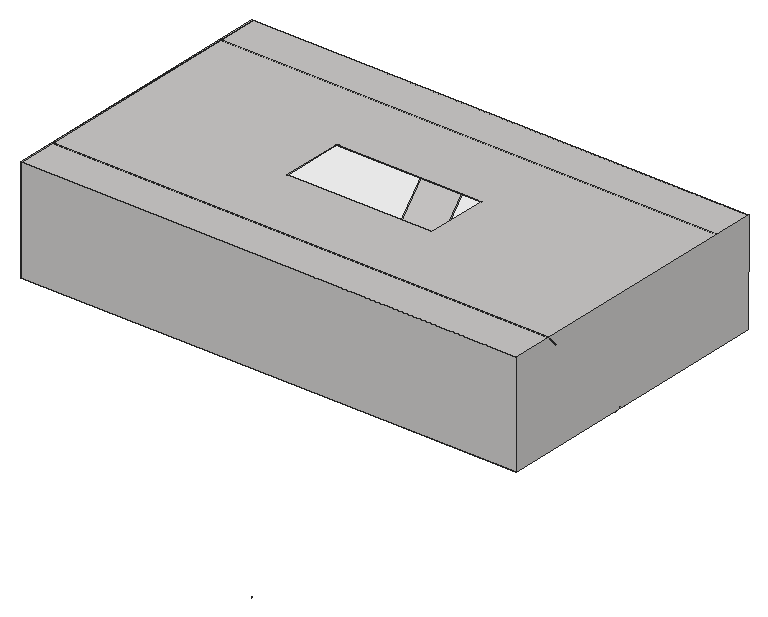
Revit family "QF_ELECTROLUXPROFESSIONAL_642033_EC1424T", category Specialty Equipment, Revit 2014
Reference planes
  plane 1: z = 0
  plane 2 "Center (Left/Right)": x = 150
  plane 3 "LEFT": x = -1050
  plane 4 "RIGHT": x = 1350
  plane 5 "BACK": y = 550
  plane 6 "TOP": z = 2500
  plane 7 "Base": z = 2000
  plane 8: z = 1946
  plane 9: x = -1047
  plane 10 "DrainX": x = 1199
  plane 11 "AOLeft2": x = 500
  plane 12: x = 1347
  plane 13: x = -850
  plane 14: x = 1150
  plane 15: x = 50
  plane 16: x = 250
  plane 17 "AOLeft1": x = -200
  plane 18: y = 0
  plane 19: y = -300
  plane 20: y = -150
  plane 21: y = -850
  plane 22: through (0, 260.354, 2382.279) normal (0, 0.766, -0.6428)
  plane 23: through (0, -560.351, 2382.279) normal (0, -0.766, -0.6428)
  plane 24: through (0, 272.154, 2402.468) normal (0, -0.753, 0.6581)
  plane 25: through (0, -572.152, 2402.468) normal (0, -0.753, -0.6581)
Forms (mm)
  Extrusion 1, solid, material "QF_Finishes_Stainless Steel"
    sketch origin (-1050, 0, 360) x (0, 1, 0) y (0, 0, 1)
      loop
        line (550, 1640) -> (550, 2140) -> (-850, 2140) -> (-850, 1640) -> (550, 1640)
    from 0 to 3
  Extrusion 2, solid, material "QF_Finishes_Stainless Steel"
    sketch origin (1350, 0, 360) x (0, 1, 0) y (0, 0, 1)
      loop
        line (550, 1640) -> (550, 2140) -> (-850, 2140) -> (-850, 1640) -> (550, 1640)
    from 0 to -3
  Extrusion 3, solid, material "QF_Finishes_Stainless Steel"
    sketch origin (150, 0, 360) x (0, 1, 0) y (0, 0, 1)
      loop
        line (-850, 2140) -> (-850, 1640) -> (-840, 1640) -> (-840, 1640.8) -> (-849.2, 1640.8) -> (-849.2, 2139.19) -> (549.2, 2139.19) -> (549.2, 1640.8) -> (540, 1640.8) -> (540, 1640) -> (550, 1640) -> (550, 2140) -> (-850, 2140)
    from -1200 to 1200
  Extrusion 4, solid, material "QF_Finishes_Stainless Steel"
    sketch origin (0, -600, 2000) x (0, 1, 0) y (-1, 0, 0)
      loop
        circle (450, -1199) r 6.35
    from -3.799 to 0
  Extrusion 5, void
    sketch origin (0, 400, 2500) x (0, 1, 0) y (-1, 0, 0)
      loop
        line (-400, -500) -> (-400, 200) -> (-700, 200) -> (-700, -500) -> (-400, -500)
    from 0 to -10
  Extrusion 6, solid, material "QF_Finishes_Stainless Steel"
    sketch origin (0, 0, 0) x (1, 0, 0) y (0, 1, 0)
      loop
        line (-1050, 550) -> (-1050, 549) -> (-1049, 549) -> (-1049, 550) -> (-1050, 550)
    from 0 to 1
  Extrusion 7, solid, material "QF_Finishes_Stainless Steel"
    sketch origin (150, 0, 360) x (0, 1, 0) y (0, 0, 1)
      loop
        line (-79.471, 1685.734) -> (-56.882, 1665.992) -> (272.154, 2042.468) -> (249.566, 2062.21) -> (-79.471, 1685.734)
      loop
        line (-572.152, 2042.468) -> (-243.115, 1665.992) -> (-220.526, 1685.734) -> (-549.563, 2062.21) -> (-572.152, 2042.468)
    from -1000 to -1197
  Extrusion 8, solid, material "QF_Finishes_Stainless Steel"
    sketch origin (150, 0, 360) x (0, 1, 0) y (0, 0, 1)
      loop
        line (260.354, 2022.279) -> (358.454, 2139.19) -> (357.41, 2139.19) -> (266.169, 2030.453) -> (264.331, 2031.996) -> (257.903, 2024.336) -> (260.354, 2022.279)
      loop
        line (-39.202, 1672.761) -> (-56.017, 1663.363) -> (-81.407, 1685.429) -> (-81.974, 1684.862) -> (-54.914, 1661.345) -> (-90.242, 1641.601) -> (-209.758, 1641.601) -> (-245.086, 1661.345) -> (-218.026, 1684.862) -> (-218.593, 1685.429) -> (-243.983, 1663.363) -> (-260.798, 1672.761) -> (-262.311, 1670.055) -> (-209.966, 1640.801) -> (-90.034, 1640.801) -> (-37.689, 1670.055) -> (-39.202, 1672.761)
      loop
        line (-560.354, 2022.279) -> (-557.903, 2024.336) -> (-564.331, 2031.996) -> (-566.169, 2030.453) -> (-657.41, 2139.19) -> (-658.454, 2139.19) -> (-560.354, 2022.279)
    from -1197 to 1197
  Extrusion 9, solid, material "QF_Finishes_Stainless Steel"
    sketch origin (150, 0, 360) x (0, 1, 0) y (0, 0, 1)
      loop
        line (272.154, 2042.468) -> (249.566, 2062.21) -> (-79.471, 1685.734) -> (-56.882, 1665.992) -> (272.154, 2042.468)
      loop
        line (-572.154, 2042.468) -> (-243.118, 1665.992) -> (-220.529, 1685.734) -> (-549.566, 2062.21) -> (-572.154, 2042.468)
    from 1197 to 1000
  Extrusion 10, solid, material "QF_Finishes_Stainless Steel"
    sketch origin (150, 0, 360) x (0, 1, 0) y (0, 0, 1)
      loop
        line (272.154, 2042.468) -> (249.566, 2062.21) -> (-79.471, 1685.734) -> (-56.882, 1665.992) -> (272.154, 2042.468)
      loop
        line (-572.154, 2042.468) -> (-243.118, 1665.992) -> (-220.529, 1685.734) -> (-549.566, 2062.21) -> (-572.154, 2042.468)
    from -100 to 100
  Extrusion 11, solid, material "QF_Finished_Chrome"
    sketch origin (150, 0, 360) x (0, 1, 0) y (0, 0, 1)
      loop
        line (249.566, 2062.21) -> (-79.471, 1685.734) -> (-56.882, 1665.992) -> (272.154, 2042.468) -> (249.566, 2062.21)
      loop
        line (-549.566, 2062.21) -> (-572.154, 2042.468) -> (-243.118, 1665.992) -> (-220.529, 1685.734) -> (-549.566, 2062.21)
    from -1000 to -100
  Extrusion 12, solid, material "QF_Finished_Chrome"
    sketch origin (150, 0, 360) x (0, 1, 0) y (0, 0, 1)
      loop
        line (272.154, 2042.468) -> (249.566, 2062.21) -> (-79.471, 1685.734) -> (-56.882, 1665.992) -> (272.154, 2042.468)
      loop
        line (-572.154, 2042.468) -> (-243.118, 1665.992) -> (-220.529, 1685.734) -> (-549.566, 2062.21) -> (-572.154, 2042.468)
    from 100 to 1000
  Sweep 13, solid, material "QF_Finishes_Stainless Steel"
    path origin (0, 0, 0) x (1, 0, 0) y (0, 1, 0)
      loop
        line (1350, 550) -> (-1050, 550) -> (-1050, -850) -> (1350, -850) -> (1350, 550)
    profile origin (1350, -150, 0) x (1, 0, 0) y (0, 0, 1)
      loop
        line (-3, 2000) -> (-3, 2000.8) -> (-19, 2000.8) -> (-19, 2010) -> (-20, 2010) -> (-20, 2000) -> (-3, 2000)
  Extrusion 14, solid, material "QF_Finishes_Stainless Steel"
    sketch origin (1199, 0, 0) x (0, 1, 0) y (0, 0, 1)
      loop
        arc (-105.855, 1994.063) -> (-104.106, 1996.894) -> (-100.969, 1998.001) r 5
        line (-100.969, 1998.001) -> (-94.999, 1998.001) -> (-94.999, 2000.8) -> (-204.999, 2000.8) -> (-204.999, 1998.001) -> (-199.028, 1998.001)
        arc (-199.028, 1998.001) -> (-195.891, 1996.894) -> (-194.142, 1994.063) r 5
        line (-194.142, 1994.063) -> (-187.139, 1955.845)
        arc (-187.139, 1955.845) -> (-182.768, 1948.768) -> (-174.924, 1946) r 12.5
        line (-174.924, 1946) -> (-125.073, 1946)
        arc (-125.073, 1946) -> (-117.229, 1948.768) -> (-112.859, 1955.845) r 12.5
        line (-112.859, 1955.845) -> (-105.855, 1994.063)
    from -90 to 90
Cuts and joins
  Extrusion 5 cuts Extrusion 3
  joined: Extrusion 2, Extrusion 3, Sweep 13
Lines and regions (mm)
  symbolic lines, style "SpecialityEquipment", detail levels coarse
    curve 1: line (1350, 550, 2500) -> (-1050, 550, 2500)
    curve 2: line (-1050, 550, 2500) -> (-1050, -850, 2500)
    curve 3: line (1350, -850, 2500) -> (1350, 550, 2500)
    curve 4: line (-1050, 550, 0) -> (1350, -850, 0)
    curve 5: line (1350, 550, 0) -> (-1050, -850, 0)
  symbolic lines, detail levels coarse
    curve 6: line (-1050, -850, 0) -> (1350, -850, 0)
    curve 7: line (500, 0, 0) -> (-200, 0, 0)
    curve 8: line (500, -300, 0) -> (500, 0, 0)
    curve 9: line (-200, -300, 0) -> (500, -300, 0)
    curve 10: line (-200, 0, 0) -> (-200, -300, 0)
Dimensions and locks
  plane 3 "LEFT" to plane 4 "RIGHT" = 2400 mm
  equal spacing: plane 3 "LEFT", plane 2 "Center (Left/Right)", plane 4 "RIGHT"
  plane 3 "LEFT" to plane 9 = 3 mm
  plane 10 "DrainX" to plane 4 "RIGHT" = 151 mm
  plane 12 to plane 4 "RIGHT" = 3 mm
  plane 3 "LEFT" to plane 13 = 200 mm
  plane 14 to plane 4 "RIGHT" = 200 mm
  locked: plane 7 "Base" to level at 2000
  locked: plane 6 "TOP" to plane 7 "Base" at 500
  locked: plane 15 to plane 16 at 200
  equal spacing: plane 15, plane 2 "Center (Left/Right)", plane 16
  plane 5 "BACK" to plane 21 = 1400 mm  (x2)
  equal spacing: plane 5 "BACK", plane 20, plane 21
  locked: plane 18 to plane 19 at 300
  equal spacing: plane 18, plane 20, plane 19
  plane 7 "Base" to plane 8 = 54 mm
  equal spacing: plane 17 "AOLeft1", plane 2 "Center (Left/Right)", plane 11 "AOLeft2"
  locked: plane 17 "AOLeft1" to plane 11 "AOLeft2" at 700
  aligned and locked: level to plane 1
  aligned and locked: plane 4 "RIGHT" to Extrusion 3
  aligned and locked: Extrusion 3 to plane 3 "LEFT"
  aligned and locked: Extrusion 7 to plane 9
  aligned and locked: Extrusion 7 to plane 13
  aligned and locked: Extrusion 2 to plane 12
  aligned and locked: plane 12 to Extrusion 9
  aligned and locked: plane 14 to Extrusion 9
  aligned and locked: plane 16 to Extrusion 10
  aligned and locked: Extrusion 10 to plane 15
  aligned and locked: plane 15 to Extrusion 11
  aligned and locked: Extrusion 11 to plane 13
  aligned and locked: Extrusion 12 to plane 16
  aligned and locked: Extrusion 12 to plane 14
  aligned and locked: Extrusion 8 to plane 9
  aligned and locked: plane 12 to Extrusion 8
  aligned and locked: Extrusion 5 to plane 17 "AOLeft1"
  aligned and locked: Extrusion 5 to plane 11 "AOLeft2"
  aligned and locked: plane 18 to curve 7
  aligned and locked: curve 9 to plane 19
  aligned and locked: plane 18 to Extrusion 5 sketch curve
  aligned and locked: Extrusion 5 sketch curve to plane 19
Automatic sketch dimensions
  Extrusion 1 sketch curve to plane 7 "Base" = 0 mm
  Extrusion 1 sketch curve to plane 5 "BACK" = 0 mm
  Extrusion 1 sketch curve to plane 6 "TOP" = 0 mm
  Extrusion 2 sketch curve to plane 7 "Base" = 0 mm
  Extrusion 2 sketch curve to plane 5 "BACK" = 0 mm
  Extrusion 2 sketch curve to plane 6 "TOP" = 0 mm
  Extrusion 3 sketch curve to plane 6 "TOP" = 0 mm
  Extrusion 3 sketch curve to plane 7 "Base" = 0 mm  (x2)
  Extrusion 3 sketch curve to plane 5 "BACK" = 0 mm
  Extrusion 3 sketch curve to Extrusion 3 sketch curve = 9.2 mm
  plane 7 "Base" to Extrusion 3 sketch curve = 0.8 mm  (x2)
  Extrusion 3 sketch curve to plane 5 "BACK" = 10 mm
  Extrusion 3 sketch curve to plane 5 "BACK" = 0.8 mm
  Extrusion 3 sketch curve to plane 6 "TOP" = 0.81 mm
  Extrusion 4 sketch curve to plane 10 "DrainX" = 0 mm
  Extrusion 5 sketch curve to plane 11 "AOLeft2" = 0 mm
  Extrusion 5 sketch curve to plane 17 "AOLeft1" = 0 mm
  Extrusion 6 sketch curve to plane 3 "LEFT" = 0 mm
  Extrusion 6 sketch curve to plane 5 "BACK" = 0 mm
  plane 3 "LEFT" to Extrusion 6 sketch curve = 1 mm
  Extrusion 6 sketch curve to Extrusion 6 sketch curve = 1 mm
  Sweep 13 sketch curve to plane 3 "LEFT" = 0 mm
  Sweep 13 sketch curve to plane 4 "RIGHT" = 0 mm
  Sweep 13 sketch curve to plane 5 "BACK" = 0 mm
  profile plane to Sweep 13 sketch curve = 20 mm
  Sweep 13 sketch curve to Sweep 13 sketch curve = 1 mm
  profile plane to Sweep 13 sketch curve = 3 mm
  level to Sweep 13 sketch curve = 2000 mm
  Sweep 13 sketch curve to Sweep 13 sketch curve = 0.8 mm
  Sweep 13 sketch curve to Sweep 13 sketch curve = 9.2 mm
  Extrusion 1 sketch curve to plane 19 = 550 mm
  Extrusion 2 sketch curve to plane 19 = 550 mm
  Extrusion 3 sketch curve to plane 19 = 540 mm
  Extrusion 3 sketch curve to Extrusion 3 sketch curve = 0.8 mm
  Sweep 13 sketch curve to plane 19 = 550 mm
  curve 5 to plane 3 "LEFT" = 0 mm
  curve 4 to plane 3 "LEFT" = 0 mm
  curve 10 to plane 17 "AOLeft1" = 0 mm
  curve 8 to plane 11 "AOLeft2" = 0 mm
  curve 5 to plane 4 "RIGHT" = 0 mm
  curve 6 to plane 4 "RIGHT" = 0 mm
  curve 4 to plane 5 "BACK" = 0 mm
  curve 5 to plane 5 "BACK" = 0 mm
  curve 6 to plane 21 = 0 mm
  Extrusion 7 sketch curve to plane 24 = 0 mm  (x2)
  Extrusion 7 sketch curve to plane 6 "TOP" = 77.79 mm  (x2)
  plane 7 "Base" to Extrusion 7 sketch curve = 25.992 mm  (x2)
  plane 7 "Base" to Extrusion 7 sketch curve = 45.734 mm
  Extrusion 7 sketch curve to plane 25 = 0 mm
  plane 25 to Extrusion 7 sketch curve = 0 mm
  Extrusion 7 sketch curve to plane 20 = 70.526 mm
  Extrusion 11 sketch curve to plane 24 = 0 mm  (x2)
  Extrusion 11 sketch curve to plane 19 = 272.154 mm
  Extrusion 11 sketch curve to plane 6 "TOP" = 77.79 mm  (x2)
  Extrusion 11 sketch curve to Extrusion 11 sketch curve = 22.589 mm
  plane 7 "Base" to Extrusion 11 sketch curve = 25.992 mm  (x2)
  plane 19 to Extrusion 11 sketch curve = 56.882 mm
  plane 20 to Extrusion 11 sketch curve = 70.529 mm
  Extrusion 10 sketch curve to plane 24 = 0 mm  (x2)
  Extrusion 10 sketch curve to plane 19 = 272.154 mm
  Extrusion 10 sketch curve to plane 6 "TOP" = 77.79 mm  (x2)
  Extrusion 10 sketch curve to Extrusion 10 sketch curve = 22.589 mm
  plane 7 "Base" to Extrusion 10 sketch curve = 25.992 mm  (x2)
  plane 19 to Extrusion 10 sketch curve = 56.882 mm
  plane 20 to Extrusion 10 sketch curve = 70.529 mm
  Extrusion 12 sketch curve to plane 24 = 0 mm  (x2)
  Extrusion 12 sketch curve to plane 19 = 272.154 mm
  Extrusion 12 sketch curve to plane 6 "TOP" = 77.79 mm  (x2)
  Extrusion 12 sketch curve to Extrusion 12 sketch curve = 22.589 mm
  plane 7 "Base" to Extrusion 12 sketch curve = 25.992 mm  (x2)
  plane 19 to Extrusion 12 sketch curve = 56.882 mm
  plane 20 to Extrusion 12 sketch curve = 70.529 mm
  Extrusion 9 sketch curve to plane 24 = 0 mm  (x2)
  Extrusion 9 sketch curve to plane 19 = 272.154 mm
  Extrusion 9 sketch curve to plane 6 "TOP" = 77.79 mm  (x2)
  Extrusion 9 sketch curve to Extrusion 9 sketch curve = 22.589 mm
  plane 7 "Base" to Extrusion 9 sketch curve = 25.992 mm  (x2)
  plane 19 to Extrusion 9 sketch curve = 56.882 mm
  plane 20 to Extrusion 9 sketch curve = 70.529 mm
  Extrusion 4 sketch curve to plane 20 = 0 mm
  plane 7 "Base" to Extrusion 14 sketch curve = 0.8 mm
  Extrusion 14 sketch curve to plane 20 = 54.999 mm
  Extrusion 14 sketch curve to Extrusion 14 sketch curve = 5.97 mm  (x2)
  Extrusion 14 sketch curve to Extrusion 14 sketch curve = 4.886 mm  (x2)
  plane 8 to Extrusion 14 sketch curve = 9.845 mm  (x2)
  Extrusion 14 sketch curve to Extrusion 14 sketch curve = 7.004 mm  (x2)
  plane 8 to Extrusion 14 sketch curve = 12.5 mm
  Extrusion 14 sketch curve to Extrusion 14 sketch curve = 12.215 mm  (x2)
  plane 20 to Extrusion 14 sketch curve = 24.927 mm
  Extrusion 14 sketch curve to plane 7 "Base" = 5.937 mm
  Extrusion 14 sketch curve to plane 7 "Base" = 1.999 mm  (x2)
  Extrusion 14 sketch curve to Extrusion 14 sketch curve = 1.062 mm
  plane 22 to Extrusion 8 sketch curve = 0 mm  (x2)
  Extrusion 8 sketch curve to plane 6 "TOP" = 0.81 mm  (x2)
  plane 21 to Extrusion 8 sketch curve = 191.546 mm
  Extrusion 8 sketch curve to Extrusion 8 sketch curve = 1.044 mm
  Extrusion 8 sketch curve to plane 6 "TOP" = 109.547 mm  (x2)
  Extrusion 8 sketch curve to Extrusion 8 sketch curve = 91.241 mm
  Extrusion 8 sketch curve to plane 6 "TOP" = 108.004 mm  (x2)
  Extrusion 8 sketch curve to plane 6 "TOP" = 117.721 mm
  plane 19 to Extrusion 8 sketch curve = 37.689 mm
  plane 7 "Base" to Extrusion 8 sketch curve = 32.761 mm
  Extrusion 8 sketch curve to Extrusion 8 sketch curve = 1.512 mm
  plane 7 "Base" to Extrusion 8 sketch curve = 21.345 mm  (x2)
  Extrusion 8 sketch curve to Extrusion 8 sketch curve = 17.225 mm
  plane 7 "Base" to Extrusion 8 sketch curve = 23.363 mm  (x2)
  Extrusion 8 sketch curve to Extrusion 8 sketch curve = 1.103 mm  (x2)
  Extrusion 8 sketch curve to Extrusion 8 sketch curve = 25.389 mm  (x2)
  Extrusion 8 sketch curve to Extrusion 8 sketch curve = 0.567 mm  (x4)
  plane 7 "Base" to Extrusion 8 sketch curve = 0.801 mm
  plane 7 "Base" to Extrusion 8 sketch curve = 1.601 mm
  plane 20 to Extrusion 8 sketch curve = 59.758 mm
  Extrusion 8 sketch curve to Extrusion 8 sketch curve = 0.208 mm  (x2)
  Extrusion 8 sketch curve to Extrusion 8 sketch curve = 8.268 mm
  Extrusion 8 sketch curve to Extrusion 8 sketch curve = 16.816 mm
  plane 7 "Base" to Extrusion 8 sketch curve = 30.055 mm
  Extrusion 8 sketch curve to plane 6 "TOP" = 115.664 mm
  plane 18 to Extrusion 8 sketch curve = 257.903 mm
  Extrusion 8 sketch curve to Extrusion 8 sketch curve = 21.498 mm  (x2)
  curve 2 to plane 3 "LEFT" = 0 mm
  curve 2 to plane 21 = 0 mm
  curve 3 to plane 4 "RIGHT" = 0 mm
  curve 3 to plane 21 = 0 mm
  curve 2 to plane 5 "BACK" = 0 mm
  radius of Extrusion 4 sketch curve = 6.35 mm
Connectors
  piping at (1199, -150, 1996.201), diameter 12.7
    settings: on Extrusion 4, index 1, connector inside diameter 609.6 mm, connector length 0 mm, flow factor 0, pipe flow 0.0 L/s, pressure drop 0.0 Pa, fitting loss kfactor 0, connector angle 0.00°, fixture units 0, engagement length 0 mm, angle of deflection 0.00°, flow configuration 1, flow direction 2, fitting loss method 0, system type 16, joint type 0, gender type 0, connector reference index -1, connector utility 0, adjustable connector no, is connector primary yes, connector description "Drain"
  hvac at (150, -150, 2500)
    settings: on Extrusion 5, index 2, duct flow 0.0 L/s, flow factor 0, pres drop 0.0 Pa, loss coef 0, conn angle 0.00°, conn width 300 mm, conn height 700 mm, conn diameter 609.6 mm, duct sys type 3, conn prof type 1, flow config 1, flow direction 2, loss method 0, conn ref index -1, conn util no, is conn primary yes, conn desc "EXHAUST OUTLET"
